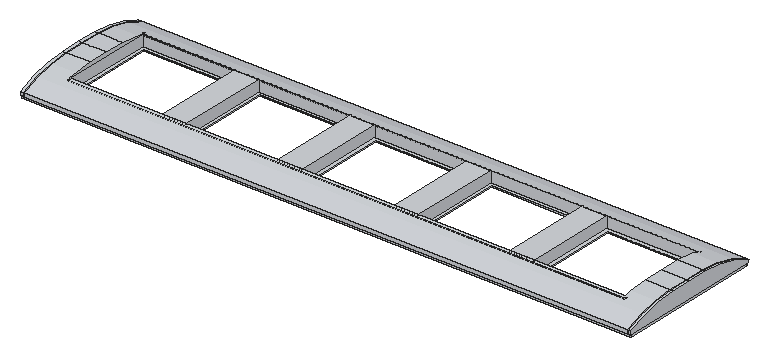
Revit family "Gira_021513", category Electrical Fixtures, host Face, Revit 2017
Family settings
  Host = Face
  Maintain Annotation Orientation = No
  Round Connector Dimension = Use Diameter
  Part Type = Normal
  Cut with Voids When Loaded = No
  Shared = No
  Room Calculation Point = No
Parameters (values of type "Cov.fr. 5-g interm.fr. AN Gira Event Opaque dark brown")
  With mounting grid = "No"
  With hinged lid = "No"
  URL = "http://katalog.gira.de/en/datenblatt.html?artikelnr=021513"
  Type of fastening = "Clamp mounting"
  Transparent = "No"
  Surface protection = "Other"
  Suitable for wall duct = "No"
  Suitable for flush-mounted installation = "Yes"
  Suitable for floor box = "No"
  Suitable for built-in installation = "No"
  Number of units vertical = "5"
  Number of units horizontal = "5"
  Number of units = "5"
  Name = "Cov.fr. 5-g interm.fr. AN Gira Event Opaque dark brown"
  Mounting direction = "Horizontal and vertical"
  Material quality = "Thermoplastic"
  Material = "Plastic"
  Manufacturer URL = "https://www.gira.de/"
  Manufacturer = "Gira"
  Label space/information surface = "No"
  Keynote = ""
  HeinzeBIM = "https://bimportal.heinze.de/bim/cov-fr-5-g-interm-fr-an-gira-event-opaque-dark-brown/044be6e506749fe39ba8012fbeaeacdd90604152"
  Halogen free = "Yes"
  HAN = "021513"
  GTIN = "4010337003137"
  Description = "Cov.fr.5g i.fr.AN EvOp DBN,Gira Event Opaque frames,dark brown with anthracite intermediate frame,5-gang,Features:,- Shatter-proof."
  Degree of protection (IP) = "IP20"
  Default Elevation = 1219.2 mm
  Data sheet (1) = "https://katalog.gira.de/en/download.html?artikelnr=021513"
  Colour = "Brown"
  Category = "Cover frame for domestic switching devices"
  BIM (1) = "https://media.stage.bim.site/public/gira/36a6b08/Event_Rahmen_5fach.rfa"
  Available = "No"
Reference planes
  plane 1 "Center (Front/Back)": y = 0
  plane 2: z = 0
  plane 3 "Center (Left/Right)": x = 0
Forms (mm)
  Extrusion 1, solid, detail levels fine
    sketch origin (0, 0, 0.05) x (0, 1, 0) y (0, 0, 1)
      loop
        arc (12.445, 9.683) -> (6.223, 9.833) -> (0, 9.85) r 291.636
        arc (0, 9.85) -> (-6.223, 9.833) -> (-12.445, 9.683) r 291.636
        arc (-12.445, 9.683) -> (-29.14, 7.482) -> (-45, 1.823) r 79.728
        line (-45, 1.823) -> (-45, -0.05) -> (-42.086, -0.05)
        arc (-42.086, -0.05) -> (-21.385, 5.559) -> (0, 7.206) r 114.424
        arc (0, 7.206) -> (21.385, 5.559) -> (42.086, -0.05) r 114.424
        line (42.086, -0.05) -> (45, -0.05) -> (45, 1.823)
        arc (45, 1.823) -> (29.14, 7.482) -> (12.445, 9.683) r 79.728
    from -185.578 to 185.593
  Extrusion 2, void, detail levels fine
    sketch origin (0, 0, 0) x (1, 0, 0) y (0, 1, 0)
      loop
        line (170.607, 28) -> (-170.593, 28) -> (-170.593, -28) -> (170.607, -28) -> (170.607, 28)
    from 0.724 to 11
  Extrusion 3, solid, detail levels coarse
    sketch origin (0, 0, 0) x (1, 0, 0) y (0, 1, 0)
      loop
        line (-187.578, 45) -> (-187.578, -45) -> (187.593, -45) -> (187.593, 45) -> (-187.578, 45)
    from -1.5 to 9.9
  Extrusion 4, solid, detail levels medium
    sketch origin (0, 0, 0.05) x (0, 1, 0) y (0, 0, 1)
      loop
        arc (12.445, 9.683) -> (6.223, 9.833) -> (0, 9.85) r 291.636
        arc (0, 9.85) -> (-6.223, 9.833) -> (-12.445, 9.683) r 291.636
        arc (-12.445, 9.683) -> (-29.14, 7.482) -> (-45, 1.823) r 79.728
        line (-45, 1.823) -> (-45, -0.05) -> (45, -0.05) -> (45, 1.823)
        arc (45, 1.823) -> (29.14, 7.482) -> (12.445, 9.683) r 79.728
    from -187.578 to 187.593
  Extrusion 5, solid, detail levels fine
    sketch origin (-142.578, 0, -1.5) x (0, 1, 0) y (0, 0, -1)
      loop
        line (45, -3.373) -> (45, -1.5) -> (-45, -1.5) -> (-45, -3.373)
        arc (-45, -3.373) -> (-29.14, -9.032) -> (-12.445, -11.233) r 79.728
        arc (-12.445, -11.233) -> (-6.223, -11.383) -> (0, -11.4) r 291.636
        arc (0, -11.4) -> (6.223, -11.383) -> (12.445, -11.233) r 291.636
        arc (12.445, -11.233) -> (29.14, -9.032) -> (45, -3.373) r 79.728
    from 43 to 45
  Extrusion 6, solid, detail levels fine
    sketch origin (0, 0, 0) x (1, 0, 0) y (0, 1, 0)
      loop
        line (-168.493, 25.7) -> (-168.493, -25.7) -> (-116.693, -25.7) -> (-116.693, 25.7) -> (-168.493, 25.7)
      loop
        line (-45.398, -25.7) -> (-45.398, 25.7) -> (-97.198, 25.7) -> (-97.198, -25.7) -> (-45.398, -25.7)
      loop
        line (-171.487, 28.49) -> (-171.487, -28.495)
        spline (-171.487, -28.495) -> (-171.479, -28.625) -> (-171.453, -28.754) -> (-171.411, -28.878) -> (-171.353, -28.995) -> (-171.281, -29.104) -> (-171.194, -29.202) -> (-171.096, -29.288) -> (-170.987, -29.361) -> (-170.87, -29.419) -> (-170.746, -29.461) -> (-170.618, -29.486) -> (-170.487, -29.495)
        line (-170.487, -29.495) -> (170.502, -29.495)
        spline (170.502, -29.495) -> (170.633, -29.486) -> (170.761, -29.461) -> (170.885, -29.419) -> (171.002, -29.361) -> (171.111, -29.288) -> (171.209, -29.202) -> (171.296, -29.104) -> (171.368, -28.995) -> (171.426, -28.878) -> (171.468, -28.754) -> (171.494, -28.625) -> (171.502, -28.495)
        line (171.502, -28.495) -> (171.502, 28.49)
        spline (171.502, 28.49) -> (171.494, 28.62) -> (171.468, 28.748) -> (171.426, 28.872) -> (171.368, 28.99) -> (171.296, 29.098) -> (171.209, 29.197) -> (171.111, 29.283) -> (171.002, 29.356) -> (170.885, 29.413) -> (170.761, 29.456) -> (170.633, 29.481) -> (170.502, 29.49)
        line (170.502, 29.49) -> (-170.487, 29.49)
        spline (-170.487, 29.49) -> (-170.618, 29.481) -> (-170.746, 29.456) -> (-170.87, 29.413) -> (-170.987, 29.356) -> (-171.096, 29.283) -> (-171.194, 29.197) -> (-171.281, 29.098) -> (-171.353, 28.99) -> (-171.411, 28.872) -> (-171.453, 28.748) -> (-171.479, 28.62) -> (-171.487, 28.49)
      loop
        line (25.902, -25.7) -> (25.902, 25.7) -> (-25.898, 25.7) -> (-25.898, -25.7) -> (25.902, -25.7)
      loop
        line (97.207, -25.7) -> (97.207, 25.7) -> (45.407, 25.7) -> (45.407, -25.7) -> (97.207, -25.7)
      loop
        line (168.507, -25.7) -> (168.507, 25.7) -> (116.707, 25.7) -> (116.707, -25.7) -> (168.507, -25.7)
    from 0.1 to 7.3
  Extrusion 7, solid
    sketch origin (0, 0, 0) x (1, 0, 0) y (0, 1, 0)
      loop
        arc (-187.293, -44.218) -> (-187.146, -44.572) -> (-186.793, -44.718) r 0.5
        line (-186.793, -44.718) -> (186.807, -44.718)
        arc (186.807, -44.718) -> (187.161, -44.572) -> (187.307, -44.218) r 0.5
        line (187.307, -44.218) -> (187.307, 44.182)
        arc (187.307, 44.182) -> (187.161, 44.535) -> (186.807, 44.682) r 0.5
        line (186.807, 44.682) -> (-186.793, 44.682)
        arc (-186.793, 44.682) -> (-187.146, 44.535) -> (-187.293, 44.182) r 0.5
        line (-187.293, 44.182) -> (-187.293, -44.218)
      loop
        line (-185.593, 42.982) -> (-185.593, -43.018) -> (185.607, -43.018) -> (185.607, 42.982) -> (-185.593, 42.982)
    from -1.5 to 0.5
  Extrusion 8, solid, detail levels fine
    sketch origin (142.593, 0, -1.5) x (0, 1, 0) y (0, 0, 1)
      loop
        arc (45, 3.373) -> (29.14, 9.032) -> (12.445, 11.233) r 79.728
        arc (12.445, 11.233) -> (6.223, 11.383) -> (0, 11.4) r 291.636
        arc (0, 11.4) -> (-6.223, 11.383) -> (-12.445, 11.233) r 291.636
        arc (-12.445, 11.233) -> (-29.14, 9.032) -> (-45, 3.373) r 79.728
        line (-45, 3.373) -> (-45, 1.5) -> (45, 1.5) -> (45, 3.373)
    from 43 to 45
  Extrusion 9, solid, detail levels medium
    sketch origin (0, 0, 0) x (1, 0, 0) y (0, 1, 0)
      loop
        line (-187.293, -44.718) -> (187.307, -44.718) -> (187.307, 44.682) -> (-187.293, 44.682) -> (-187.293, -44.718)
    from -1.5 to 0.5
  Extrusion 10, solid, detail levels fine
    sketch origin (-105.5, 0, 0) x (1, 0, 0) y (0, 1, 0)
      loop
        line (-8.943, 28.063) -> (-8.943, -27.937) -> (6.057, -27.937) -> (6.057, 28.063) -> (-8.943, 28.063)
    from 0.724 to 7.566
  Extrusion 11, solid, detail levels fine
    sketch origin (-37.085, 0, 0) x (-1, 0, 0) y (0, -1, 0)
      loop
        line (-8.943, -28.063) -> (6.057, -28.063) -> (6.057, 27.937) -> (-8.943, 27.937) -> (-8.943, -28.063)
    from 0.724 to 7.566
  Extrusion 12, solid, detail levels fine
    sketch origin (105.5, 0, 0) x (-1, 0, 0) y (0, -1, 0)
      loop
        line (-8.943, -28.063) -> (6.057, -28.063) -> (6.057, 27.937) -> (-8.943, 27.937) -> (-8.943, -28.063)
    from 0.724 to 7.566
  Extrusion 13, solid, detail levels fine
    sketch origin (37.085, 0, 0) x (1, 0, 0) y (0, 1, 0)
      loop
        line (-8.943, 28.063) -> (-8.943, -27.937) -> (6.057, -27.937) -> (6.057, 28.063) -> (-8.943, 28.063)
    from 0.724 to 7.566
Cuts and joins
  Extrusion 2 cuts Extrusion 1
  Extrusion 2 cuts Extrusion 6
Dimensions and locks
  aligned and locked: plane 2 to host face
  aligned and locked: level to host face
